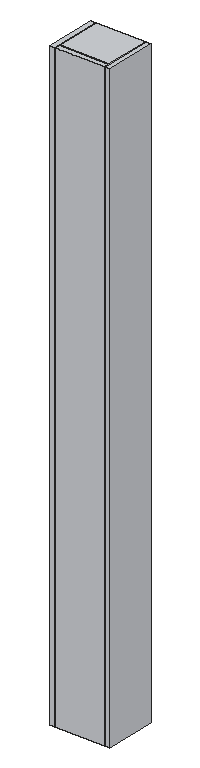
Revit family
Parameters (values of type "200 x 170 x 2020mm")
  URL = ""
  Type Comments = ""
  Model = "CD Holder"
  Material = none
  Manufacturer = "Revit"
  Description = "CD Holder"
  Cost = 0
  Assembly Code = ""
Reference planes
  plane 1 "Center (Front/Back)": y = 0
  plane 2: z = 0
  plane 3 "Center (Left/Right)": x = -67.433
  plane 4: x = -167.433
  plane 5: x = 32.567
  plane 6: y = 170
  plane 7: z = 2020
Forms (mm)
  Extrusion 1, solid, material <- "Material"
    sketch origin (0, 0, 0) x (1, 0, 0) y (0, 1, 0)
      loop
        line (-167.433, 170) -> (-167.433, 0) -> (-149.433, 0) -> (-149.433, 170) -> (-167.433, 170)
      loop
        line (32.567, 170) -> (14.567, 170) -> (14.567, 0) -> (32.567, 0) -> (32.567, 170)
    from 0 to 2020
  Extrusion 2, solid, material <- "Material"
    sketch origin (0, -34.484, 0) x (1, 0, 0) y (0, 1, 0)
      loop
        line (-149.433, 52.484) -> (-149.433, 34.484) -> (14.567, 34.484) -> (14.567, 52.484) -> (-149.433, 52.484)
    from 0 to 2020
  Extrusion 3, solid, material <- "Material"
    sketch origin (0, 0, 0) x (1, 0, 0) y (0, 1, 0)
      loop
        line (-149.433, 156.96) -> (-149.433, 141.96) -> (14.567, 141.96) -> (14.567, 156.96) -> (-149.433, 156.96)
    from 0 to 20
  Extrusion 4, solid, material <- "Material"
    sketch origin (0, 0, 0) x (1, 0, 0) y (0, 0, 1)
      loop
        line (-149.433, 2020) -> (-149.433, 2002) -> (14.567, 2002) -> (14.567, 2020) -> (-149.433, 2020)
    from -170 to -18
  Extrusion 5, solid, material <- "Material"
    sketch origin (0, 0, -1982) x (1, 0, 0) y (0, 0, 1)
      loop
        line (-149.433, 2020) -> (-149.433, 2002) -> (14.567, 2002) -> (14.567, 2020) -> (-149.433, 2020)
    from -170 to -18
  Extrusion 6, solid, material <- "Material"
    sketch origin (0, 0, -180.182) x (1, 0, 0) y (0, 0, 1)
      loop
        line (-149.433, 2020) -> (-149.433, 2002) -> (14.567, 2002) -> (14.567, 2020) -> (-149.433, 2020)
    from -170 to -18
  Extrusion 7, solid, material <- "Material"
    sketch origin (0, 0, -360.364) x (1, 0, 0) y (0, 0, 1)
      loop
        line (-149.433, 2020) -> (-149.433, 2002) -> (14.567, 2002) -> (14.567, 2020) -> (-149.433, 2020)
    from -170 to -18
  Extrusion 8, solid, material <- "Material"
    sketch origin (0, 0, -540.545) x (1, 0, 0) y (0, 0, 1)
      loop
        line (-149.433, 2020) -> (-149.433, 2002) -> (14.567, 2002) -> (14.567, 2020) -> (-149.433, 2020)
    from -170 to -18
  Extrusion 9, solid, material <- "Material"
    sketch origin (0, 0, -720.727) x (1, 0, 0) y (0, 0, 1)
      loop
        line (-149.433, 2020) -> (-149.433, 2002) -> (14.567, 2002) -> (14.567, 2020) -> (-149.433, 2020)
    from -170 to -18
  Extrusion 10, solid, material <- "Material"
    sketch origin (0, 0, -900.909) x (1, 0, 0) y (0, 0, 1)
      loop
        line (-149.433, 2020) -> (-149.433, 2002) -> (14.567, 2002) -> (14.567, 2020) -> (-149.433, 2020)
    from -170 to -18
  Extrusion 11, solid, material <- "Material"
    sketch origin (0, 0, -1081.091) x (1, 0, 0) y (0, 0, 1)
      loop
        line (-149.433, 2020) -> (-149.433, 2002) -> (14.567, 2002) -> (14.567, 2020) -> (-149.433, 2020)
    from -170 to -18
  Extrusion 12, solid, material <- "Material"
    sketch origin (0, 0, -1261.273) x (1, 0, 0) y (0, 0, 1)
      loop
        line (-149.433, 2020) -> (-149.433, 2002) -> (14.567, 2002) -> (14.567, 2020) -> (-149.433, 2020)
    from -170 to -18
  Extrusion 13, solid, material <- "Material"
    sketch origin (0, 0, -1441.455) x (1, 0, 0) y (0, 0, 1)
      loop
        line (-149.433, 2020) -> (-149.433, 2002) -> (14.567, 2002) -> (14.567, 2020) -> (-149.433, 2020)
    from -170 to -18
  Extrusion 14, solid, material <- "Material"
    sketch origin (0, 0, -1621.636) x (1, 0, 0) y (0, 0, 1)
      loop
        line (-149.433, 2020) -> (-149.433, 2002) -> (14.567, 2002) -> (14.567, 2020) -> (-149.433, 2020)
    from -170 to -18
  Extrusion 15, solid, material <- "Material"
    sketch origin (0, 0, -1801.818) x (1, 0, 0) y (0, 0, 1)
      loop
        line (-149.433, 2020) -> (-149.433, 2002) -> (14.567, 2002) -> (14.567, 2020) -> (-149.433, 2020)
    from -170 to -18
Dimensions and locks
  equal spacing: plane 4, plane 3 "Center (Left/Right)", plane 5
  locked: plane 4 to plane 5 at 200
  locked: plane 1 "Center (Front/Back)" to plane 6 at 170
  locked: plane 7 to plane 2 at 2020
  equal spacing: group 1, group 3, group 4, group 5, group 6, group 7, group 8, group 9, group 10, group 11, group 12, group 2  (x2)
  equal spacing: group 2, group 12, group 11, group 10, group 9, group 8, group 7, group 6, group 5, group 4, group 3, group 1
  aligned and locked: plane 5 to Extrusion 1 sketch curve
  aligned and locked: Extrusion 1 sketch curve to plane 6
  aligned and locked: plane 1 "Center (Front/Back)" to Extrusion 1 sketch curve  (x2)
  aligned and locked: plane 6 to Extrusion 1 sketch curve
  aligned and locked: Extrusion 1 sketch curve to plane 4
  aligned and locked: Extrusion 1 to plane 7
  aligned and locked: Extrusion 1 to Extrusion 2 sketch curve  (x2)
  aligned and locked: Extrusion 2 to plane 7
  aligned and locked: plane 1 "Center (Front/Back)" to Extrusion 2
  aligned and locked: Extrusion 4 to plane 6
  aligned and locked: Extrusion 4 to Extrusion 2
